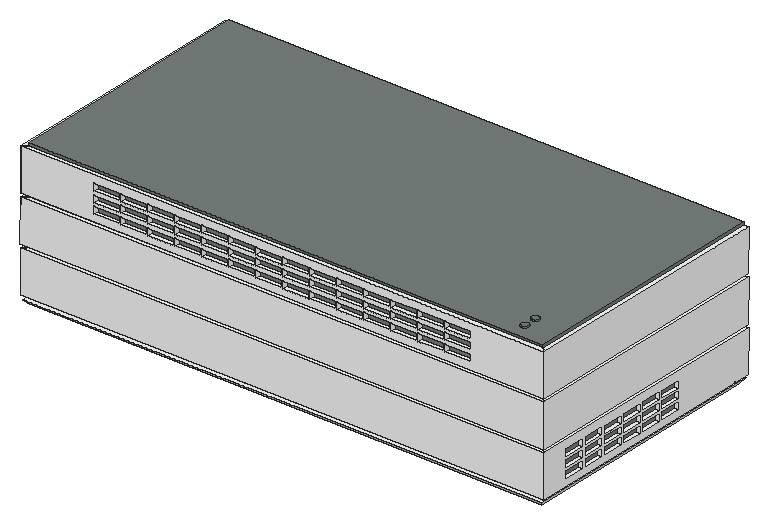
Revit family "AM 500 HT RE", category Mechanical Equipment, Revit 2019
Family settings
  Round Connector Dimension = Use Diameter
  Part Type = Normal
  OmniClass Number = 23.75.00.00
  OmniClass Title = Climate Control (HVAC)
  Work Plane-Based = No
  Always vertical = Yes
  Cut with Voids When Loaded = No
  Shared = No
  Room Calculation Point = No
Parameters
  Weight (Standard Unit) = 108  # constant formula
  Water Heater Surface Return = 10 mm  # constant formula
  Water Heater Surface IN = 10 mm  # constant formula
  Version number = "1,0"
  URL = "www.airmaster-as.com"
  Total Width = 1600 mm  # constant formula
  Total Hight = 439 mm  # constant formula
  T-C Duct Supply = 171.3 mm  # constant formula
  T-C Duct Exhaust = 171.3 mm  # constant formula
  Suply Air In = 250 mm  # constant formula
  Sidepanel Top [instance] = yes
  Sidepanel Middle [instance] = yes
  Side Panel Buttom [instance] = yes
  R-C Duct Supply = 329 mm  # constant formula
  Publication date = "22.05.2023"
  Phase 1 - Max Power Consumption = "1762 W"
  Phase 1 - Max Current = "8,1 A"
  Nominal current, electrical preheating surface = "4,4 A"
  Nominal current, electrical comfort heating surface = "2,6 A"
  Nominal current, air handling unit = "1,1 A"
  Network Conection = "AWG 24 CAT 5e STP"
  Model = "AM 500 HT RE"
  Middel panel [instance] = yes
  Max. flow rate 35 dB(A) with ePM10 80% filters = 440.00 m³  # constant formula
  Max. flow rate 35 dB(A) with ePM10 55% filters = 495.00 m³  # constant formula
  Max. flow rate 35 dB(A) with ePM10 50% filters = 550.00 m³  # constant formula
  Max. flow rate 30 dB(A) with ePM10 80% filters = 344.00 m³  # constant formula
  Max. flow rate 30 dB(A) with ePM10 55% filters = 387.00 m³  # constant formula
  Max. flow rate 30 dB(A) with ePM10 50% filters = 430.00 m³  # constant formula
  Manufacturer = "Airmaster A/S"
  Maintenance [instance] = no
  L-C Duct Exhaust = 192 mm  # constant formula
  Exhaust Air = 250 mm  # constant formula
  Total Depth = 779 mm  # constant formula
  Electrical connection = "1 ~ 230 V / N / PE / 50 Hz"
  Drawn By = "LSB"
  Condensate = 9 mm  # constant formula
  BMS Panel = "(PTS) 2x2x0,6"
  BMS Out = "(PTS) 2x2x0,6"
  BMS IN = "(PTS) 2x2x0,6"
  Airlow area [instance] = no
Reference planes
  plane 1 "Center (Front/Back)": y = 0
  plane 2: z = 0
  plane 3 "Center (Left/Right)": x = 0
  plane 4 "Center L/S": y = -779
  plane 5 "Center L/T": x = -800
  plane 6 "Center L/U": x = 800
  plane 7 "TOP": z = 439
  plane 8 "Center L/V": x = -785
  plane 9 "Center L/W": y = -764
  plane 10 "Center L/X": x = 785
  plane 11 "Panel Buttom": z = 24.45
  plane 12 "Panel Top": z = 153.45
  plane 13 "Hatch": z = 14.5
  plane 14 "Center L/Z": z = 163.4
  plane 15 "Center L/AA": z = 292.4
  plane 16 "Center L/BB": z = 302.35
  plane 17 "Center L/CC": z = 431.35
Forms (mm)
  Extrusion 1, solid, material "AM Grey"
    sketch origin (0, 0, 0) x (1, 0, 0) y (0, 1, 0)
      loop
        line (-785, 0) -> (-785, -764) -> (785, -764) -> (785, 0) -> (-785, 0)
    from 14.5 to 439
  Extrusion 2, solid, material "AM White"
    sketch origin (794.5, -1524, 24.45) x (0, -1, 0) y (-1, 0, 0)
      loop
        line (-745, -5.5) -> (-745, 1594.5) -> (-760, 1579.5) -> (-760, 9.5) -> (-745, -5.5)
    from 0 to -129
  Blend 3, solid, material "AM White"
    base sketch origin (-790.646, -1524, 14.5) x (0, -1, 0) y (1, 0, 0)
      loop
        line (-745, -2.387) -> (-745, 1583.657) -> (-1524, 1583.657) -> (-1524, -2.387) -> (-745, -2.387)
    top sketch origin (-790.646, -1524, 14.5) x (0, -1, 0) y (1, 0, 0)
      loop
        line (-760, 8.963) -> (-760, 1572.646) -> (-1509.161, 1572.646) -> (-1509.161, 8.963) -> (-760, 8.963)
    from 0 to -14.5
  Extrusion 4, void
    sketch origin (1480.036, -779, 302.35) x (1, 0, 0) y (0, 0, -1)
      loop
        line (-2055.036, -85.5) -> (-2055.036, -107.5) -> (-1977.536, -107.5) -> (-1977.536, -85.5) -> (-2055.036, -85.5)
      loop
        line (-2055.036, -53.5) -> (-2055.036, -75.5) -> (-1977.536, -75.5) -> (-1977.536, -53.5) -> (-2055.036, -53.5)
      loop
        line (-2055.036, -21.5) -> (-2055.036, -43.5) -> (-1977.536, -43.5) -> (-1977.536, -21.5) -> (-2055.036, -21.5)
      loop
        line (-1972.536, -85.5) -> (-1972.536, -107.5) -> (-1895.036, -107.5) -> (-1895.036, -85.5) -> (-1972.536, -85.5)
      loop
        line (-1972.536, -53.5) -> (-1972.536, -75.5) -> (-1895.036, -75.5) -> (-1895.036, -53.5) -> (-1972.536, -53.5)
      loop
        line (-1972.536, -21.5) -> (-1972.536, -43.5) -> (-1895.036, -43.5) -> (-1895.036, -21.5) -> (-1972.536, -21.5)
      loop
        line (-1890.036, -85.5) -> (-1890.036, -107.5) -> (-1812.536, -107.5) -> (-1812.536, -85.5) -> (-1890.036, -85.5)
      loop
        line (-1890.036, -53.5) -> (-1890.036, -75.5) -> (-1812.536, -75.5) -> (-1812.536, -53.5) -> (-1890.036, -53.5)
      loop
        line (-1890.036, -21.5) -> (-1890.036, -43.5) -> (-1812.536, -43.5) -> (-1812.536, -21.5) -> (-1890.036, -21.5)
      loop
        line (-1807.536, -85.5) -> (-1807.536, -107.5) -> (-1730.036, -107.5) -> (-1730.036, -85.5) -> (-1807.536, -85.5)
      loop
        line (-1807.536, -53.5) -> (-1807.536, -75.5) -> (-1730.036, -75.5) -> (-1730.036, -53.5) -> (-1807.536, -53.5)
      loop
        line (-1807.536, -21.5) -> (-1807.536, -43.5) -> (-1730.036, -43.5) -> (-1730.036, -21.5) -> (-1807.536, -21.5)
      loop
        line (-1725.036, -85.5) -> (-1725.036, -107.5) -> (-1647.536, -107.5) -> (-1647.536, -85.5) -> (-1725.036, -85.5)
      loop
        line (-1725.036, -53.5) -> (-1725.036, -75.5) -> (-1647.536, -75.5) -> (-1647.536, -53.5) -> (-1725.036, -53.5)
      loop
        line (-1725.036, -21.5) -> (-1725.036, -43.5) -> (-1647.536, -43.5) -> (-1647.536, -21.5) -> (-1725.036, -21.5)
      loop
        line (-1642.536, -85.5) -> (-1642.536, -107.5) -> (-1565.036, -107.5) -> (-1565.036, -85.5) -> (-1642.536, -85.5)
      loop
        line (-1642.536, -53.5) -> (-1642.536, -75.5) -> (-1565.036, -75.5) -> (-1565.036, -53.5) -> (-1642.536, -53.5)
      loop
        line (-1642.536, -21.5) -> (-1642.536, -43.5) -> (-1565.036, -43.5) -> (-1565.036, -21.5) -> (-1642.536, -21.5)
      loop
        line (-1560.036, -85.5) -> (-1560.036, -107.5) -> (-1482.536, -107.5) -> (-1482.536, -85.5) -> (-1560.036, -85.5)
      loop
        line (-1560.036, -53.5) -> (-1560.036, -75.5) -> (-1482.536, -75.5) -> (-1482.536, -53.5) -> (-1560.036, -53.5)
      loop
        line (-1560.036, -21.5) -> (-1560.036, -43.5) -> (-1482.536, -43.5) -> (-1482.536, -21.5) -> (-1560.036, -21.5)
      loop
        line (-1477.536, -85.5) -> (-1477.536, -107.5) -> (-1400.036, -107.5) -> (-1400.036, -85.5) -> (-1477.536, -85.5)
      loop
        line (-1477.536, -53.5) -> (-1477.536, -75.5) -> (-1400.036, -75.5) -> (-1400.036, -53.5) -> (-1477.536, -53.5)
      loop
        line (-1477.536, -21.5) -> (-1477.536, -43.5) -> (-1400.036, -43.5) -> (-1400.036, -21.5) -> (-1477.536, -21.5)
      loop
        line (-1395.036, -85.5) -> (-1395.036, -107.5) -> (-1317.536, -107.5) -> (-1317.536, -85.5) -> (-1395.036, -85.5)
      loop
        line (-1395.036, -53.5) -> (-1395.036, -75.5) -> (-1317.536, -75.5) -> (-1317.536, -53.5) -> (-1395.036, -53.5)
      loop
        line (-1395.036, -21.5) -> (-1395.036, -43.5) -> (-1317.536, -43.5) -> (-1317.536, -21.5) -> (-1395.036, -21.5)
      loop
        line (-1312.536, -85.5) -> (-1312.536, -107.5) -> (-1235.036, -107.5) -> (-1235.036, -85.5) -> (-1312.536, -85.5)
      loop
        line (-1312.536, -53.5) -> (-1312.536, -75.5) -> (-1235.036, -75.5) -> (-1235.036, -53.5) -> (-1312.536, -53.5)
      loop
        line (-1312.536, -21.5) -> (-1312.536, -43.5) -> (-1235.036, -43.5) -> (-1235.036, -21.5) -> (-1312.536, -21.5)
      loop
        line (-1230.036, -85.5) -> (-1230.036, -107.5) -> (-1152.536, -107.5) -> (-1152.536, -85.5) -> (-1230.036, -85.5)
      loop
        line (-1230.036, -53.5) -> (-1230.036, -75.5) -> (-1152.536, -75.5) -> (-1152.536, -53.5) -> (-1230.036, -53.5)
      loop
        line (-1230.036, -21.5) -> (-1230.036, -43.5) -> (-1152.536, -43.5) -> (-1152.536, -21.5) -> (-1230.036, -21.5)
      loop
        line (-1147.536, -85.5) -> (-1147.536, -107.5) -> (-1070.036, -107.5) -> (-1070.036, -85.5) -> (-1147.536, -85.5)
      loop
        line (-1147.536, -53.5) -> (-1147.536, -75.5) -> (-1070.036, -75.5) -> (-1070.036, -53.5) -> (-1147.536, -53.5)
      loop
        line (-1147.536, -21.5) -> (-1147.536, -43.5) -> (-1070.036, -43.5) -> (-1070.036, -21.5) -> (-1147.536, -21.5)
      loop
        line (-1065.036, -85.5) -> (-1065.036, -107.5) -> (-987.536, -107.5) -> (-987.536, -85.5) -> (-1065.036, -85.5)
      loop
        line (-1065.036, -53.5) -> (-1065.036, -75.5) -> (-987.536, -75.5) -> (-987.536, -53.5) -> (-1065.036, -53.5)
      loop
        line (-1065.036, -21.5) -> (-1065.036, -43.5) -> (-987.536, -43.5) -> (-987.536, -21.5) -> (-1065.036, -21.5)
      loop
        line (-982.536, -85.5) -> (-982.536, -107.5) -> (-905.036, -107.5) -> (-905.036, -85.5) -> (-982.536, -85.5)
      loop
        line (-982.536, -53.5) -> (-982.536, -75.5) -> (-905.036, -75.5) -> (-905.036, -53.5) -> (-982.536, -53.5)
      loop
        line (-982.536, -21.5) -> (-982.536, -43.5) -> (-905.036, -43.5) -> (-905.036, -21.5) -> (-982.536, -21.5)
    from 0 to 15
  Extrusion 5, solid, material "AM Grey"
    sketch origin (-785, -20, 0) x (0, 1, 0) y (0, 0, -1)
      loop
        arc (-34.231, -35.823) -> (-20.604, -46.468) -> (-15.509, -29.944) r 10.5
        arc (-15.509, -29.944) -> (-26.896, -26.432) -> (-34.231, -35.823) r 10.5
    from 0 to 14.9
  Extrusion 6, void
    sketch origin (800, 1296.25, 24.45) x (0, 1, 0) y (0, 0, -1)
      loop
        line (-1995, -105.164) -> (-1927, -105.164) -> (-1927, -80.664) -> (-1995, -80.664) -> (-1995, -105.164)
      loop
        line (-1995, -75.664) -> (-1927, -75.664) -> (-1927, -51.164) -> (-1995, -51.164) -> (-1995, -75.664)
      loop
        line (-1995, -46.164) -> (-1927, -46.164) -> (-1927, -21.664) -> (-1995, -21.664) -> (-1995, -46.164)
      loop
        line (-1922, -105.164) -> (-1854, -105.164) -> (-1854, -80.664) -> (-1922, -80.664) -> (-1922, -105.164)
      loop
        line (-1922, -75.664) -> (-1854, -75.664) -> (-1854, -51.164) -> (-1922, -51.164) -> (-1922, -75.664)
      loop
        line (-1922, -46.164) -> (-1854, -46.164) -> (-1854, -21.664) -> (-1922, -21.664) -> (-1922, -46.164)
      loop
        line (-1849, -105.164) -> (-1781, -105.164) -> (-1781, -80.664) -> (-1849, -80.664) -> (-1849, -105.164)
      loop
        line (-1849, -75.664) -> (-1781, -75.664) -> (-1781, -51.164) -> (-1849, -51.164) -> (-1849, -75.664)
      loop
        line (-1849, -46.164) -> (-1781, -46.164) -> (-1781, -21.664) -> (-1849, -21.664) -> (-1849, -46.164)
      loop
        line (-1776, -105.164) -> (-1708, -105.164) -> (-1708, -80.664) -> (-1776, -80.664) -> (-1776, -105.164)
      loop
        line (-1776, -75.664) -> (-1708, -75.664) -> (-1708, -51.164) -> (-1776, -51.164) -> (-1776, -75.664)
      loop
        line (-1776, -46.164) -> (-1708, -46.164) -> (-1708, -21.664) -> (-1776, -21.664) -> (-1776, -46.164)
      loop
        line (-1703, -105.164) -> (-1635, -105.164) -> (-1635, -80.664) -> (-1703, -80.664) -> (-1703, -105.164)
      loop
        line (-1703, -75.664) -> (-1635, -75.664) -> (-1635, -51.164) -> (-1703, -51.164) -> (-1703, -75.664)
      loop
        line (-1703, -46.164) -> (-1635, -46.164) -> (-1635, -21.664) -> (-1703, -21.664) -> (-1703, -46.164)
      loop
        line (-1630, -105.164) -> (-1562, -105.164) -> (-1562, -80.664) -> (-1630, -80.664) -> (-1630, -105.164)
      loop
        line (-1630, -75.664) -> (-1562, -75.664) -> (-1562, -51.164) -> (-1630, -51.164) -> (-1630, -75.664)
      loop
        line (-1630, -46.164) -> (-1562, -46.164) -> (-1562, -21.664) -> (-1630, -21.664) -> (-1630, -46.164)
    from 0 to 15
  Extrusion 7, solid, material "AM Grey"
    sketch origin (785, 0, 0) x (0, -1, 0) y (0, 0, -1)
      loop
        circle (48.75, -36.414) r 8
    from 0 to 14.9
  Extrusion 8, solid, material "AM Grey"
    sketch origin (785, 0, 0) x (0, -1, 0) y (0, 0, -1)
      loop
        circle (48.75, -60.414) r 5.5
    from 0 to 14.9
  Extrusion 9, solid, material "AM Grey"
    sketch origin (785, 0, 0) x (0, -1, 0) y (0, 0, -1)
      loop
        arc (52.21, -82.945) -> (49.124, -78.934) -> (45.257, -82.197) r 3.5
        arc (45.257, -82.197) -> (48.376, -85.894) -> (52.21, -82.945) r 3.5
    from 0 to 14.9
  Extrusion 10, solid, material "AM Grey"
    sketch origin (785, 0, 0) x (0, -1, 0) y (0, 0, -1)
      loop
        arc (52.21, -104.867) -> (49.124, -100.856) -> (45.257, -104.119) r 3.5
        arc (45.257, -104.119) -> (48.376, -107.816) -> (52.21, -104.867) r 3.5
    from 0 to 14.9
  Extrusion 11, solid, material "AM Grey"
    sketch origin (785, 0, 0) x (0, -1, 0) y (0, 0, -1)
      loop
        arc (666.553, -391.641) -> (678.119, -403.614) -> (689.95, -391.903) r 11.7
        arc (689.95, -391.903) -> (678.381, -380.215) -> (666.553, -391.641) r 11.7
    from 0 to 2
  Extrusion 12, solid, material "AM Grey"
    sketch origin (785, 0, 0) x (0, -1, 0) y (0, 0, -1)
      loop
        arc (707.323, -393.239) -> (721.418, -403.717) -> (730.869, -388.914) r 12
        arc (730.869, -388.914) -> (717.082, -380.112) -> (707.323, -393.239) r 12
    from 0 to 2
  Extrusion 13, solid, material "AM Grey"
    sketch origin (-785, 0, 0) x (1, 0, 0) y (0, 0, -1)
      loop
        line (1504.549, -198.382) -> (1254.549, -198.382) -> (1254.549, -398.382) -> (1504.549, -398.382) -> (1504.549, -198.382)
    from 0 to 18.45
  Extrusion 14, solid, material "AM Grey"
    sketch origin (-785, 0, 0) x (1, 0, 0) y (0, 0, -1)
      loop
        line (315, -398.382) -> (315, -198.382) -> (65, -198.382) -> (65, -398.382) -> (315, -398.382)
    from 0 to 18.45
  Extrusion 15, solid, material "AM Grey"
    sketch origin (-2194.69, 0, 0) x (1, 0, 0) y (0, 0, -1)
      loop
        arc (1478.835, -24) -> (1493.457, -45.482) -> (1480.281, -23.084) r 13
        line (1480.281, -23.084) -> (1478.835, -24)
    from 0 to 2
  Extrusion 16, solid, material "AM Grey"
    sketch origin (0, 0, 439) x (1, 0, 0) y (0, 1, 0)
      loop
        arc (693.662, -689.53) -> (693, -667.55) -> (692.338, -689.53) r 11
        line (692.338, -689.53) -> (693.662, -689.53)
    from 0 to 2
  Extrusion 17, solid, material "AM Grey"
    sketch origin (0, 0, 439) x (1, 0, 0) y (0, 1, 0)
      loop
        arc (693.662, -730.28) -> (693, -708.3) -> (692.338, -730.28) r 11
        line (692.338, -730.28) -> (693.662, -730.28)
    from 0 to 2
  Extrusion 18, solid, material "Maintenece", visible <- "Maintenance"
    sketch origin (-790.646, -1524, 0) x (1, 0, 0) y (0, -1, 0)
      loop
        line (-9.354, -1524) -> (1590.646, -1524) -> (1590.646, -745) -> (-9.354, -745) -> (-9.354, -1524)
    from 0 to 1200
  Extrusion 19, solid, material "Maintenece", visible <- "Airlow area"
    sketch origin (800, 1296.25, 24.45) x (0, -1, 0) y (0, 0, -1)
      loop
        line (1296.25, -129) -> (2081.25, -129) -> (2081.25, 21) -> (1296.25, 21) -> (1296.25, -129)
    from 0 to 500
  Extrusion 20, solid, material "AM White", visible <- "Middel panel"
    sketch origin (794.5, -1524, 163.4) x (0, -1, 0) y (-1, 0, 0)
      loop
        line (-745, -5.5) -> (-745, 1594.5) -> (-760, 1579.5) -> (-760, 9.5) -> (-745, -5.5)
    from 0 to -129
  Extrusion 21, solid, material "AM White"
    sketch origin (794.5, -1524, 302.35) x (0, -1, 0) y (-1, 0, 0)
      loop
        line (-745, -5.5) -> (-745, 1594.5) -> (-760, 1579.5) -> (-760, 9.5) -> (-745, -5.5)
    from 0 to -129
  Extrusion 22, solid, material "AM White", visible <- "Side Panel Buttom"
    sketch origin (794.5, -1524, 24.45) x (0, -1, 0) y (-1, 0, 0)
      loop
        line (-1524, -5.5) -> (-745, -5.5) -> (-760, 9.5) -> (-1524, 9.5) -> (-1524, -5.5)
      loop
        line (-760, 1579.5) -> (-745, 1594.5) -> (-1524, 1594.5) -> (-1524, 1579.5) -> (-760, 1579.5)
    from 0 to -129
  Extrusion 23, solid, material "AM White", visible <- "Sidepanel Middle"
    sketch origin (794.5, -1524, 163.4) x (0, -1, 0) y (-1, 0, 0)
      loop
        line (-1524, -5.5) -> (-745, -5.5) -> (-760, 9.5) -> (-1524, 9.5) -> (-1524, -5.5)
      loop
        line (-760, 1579.5) -> (-745, 1594.5) -> (-1524, 1594.5) -> (-1524, 1579.5) -> (-760, 1579.5)
    from 0 to -129
  Extrusion 24, solid, material "AM White", visible <- "Sidepanel Top"
    sketch origin (794.5, -1524, 302.35) x (0, -1, 0) y (-1, 0, 0)
      loop
        line (-1524, -5.5) -> (-745, -5.5) -> (-760, 9.5) -> (-1524, 9.5) -> (-1524, -5.5)
      loop
        line (-760, 1579.5) -> (-745, 1594.5) -> (-1524, 1594.5) -> (-1524, 1579.5) -> (-760, 1579.5)
    from 0 to -129
Cuts and joins
  Extrusion 4, Extrusion 6 cuts Extrusion 1
  Extrusion 4, Extrusion 6 cuts Extrusion 2
  Extrusion 6 cuts Extrusion 22
  Extrusion 4 cuts Extrusion 20
  Extrusion 4 cuts Extrusion 21
Dimensions and locks
  "Total Depth": plane 4 "Center L/S" to plane 1 "Center (Front/Back)"
  equal spacing: plane 5 "Center L/T", plane 3 "Center (Left/Right)", plane 6 "Center L/U"
  "Total Width": plane 5 "Center L/T" to plane 6 "Center L/U"
  "Total Hight": plane 7 "TOP" to level
  locked: plane 10 "Center L/X" to plane 6 "Center L/U" at 15
  locked: plane 4 "Center L/S" to plane 9 "Center L/W" at 15
  locked: plane 5 "Center L/T" to plane 8 "Center L/V" at 15
  Extrusion 1 to Blend 3 sketch curve = 14.839 mm
  nested 3 to cut or joined group of Extrusion 2, Extrusion 4, Extrusion 6 = 550 mm
  Extrusion 13 sketch curve to cut or joined group of Extrusion 1, Extrusion 4, Extrusion 6 = 40.618 mm
  Extrusion 24 to Extrusion 13 sketch curve = 65.451 mm
  Extrusion 14 sketch curve to Extrusion 24 = 65 mm
  aligned and locked: level to plane 2
  aligned and locked: plane 1 "Center (Front/Back)" to Extrusion 1 sketch curve
  aligned and locked: Extrusion 1 sketch curve to plane 8 "Center L/V"
  aligned and locked: Extrusion 1 sketch curve to plane 9 "Center L/W"
  aligned and locked: Extrusion 1 sketch curve to plane 10 "Center L/X"
  aligned and locked: plane 7 "TOP" to Extrusion 1
  aligned and locked: plane 4 "Center L/S" to Extrusion 2 sketch curve
  aligned and locked: Extrusion 2 sketch curve to Extrusion 1
  aligned and locked: Extrusion 2 to plane 12 "Panel Top"
  aligned and locked: Blend 3 to plane 2
  aligned and locked: plane 13 "Hatch" to Extrusion 1
  aligned and locked: Extrusion 18 sketch curve to cut or joined group of Extrusion 2, Extrusion 4, Extrusion 6
  aligned and locked: Extrusion 19 sketch curve to cut or joined group of Extrusion 2, Extrusion 4, Extrusion 6
  aligned and locked: Extrusion 20 to plane 15 "Center L/AA"
  aligned and locked: Extrusion 21 to plane 17 "Center L/CC"
Automatic sketch dimensions
  Extrusion 2 sketch curve to plane 5 "Center L/T" = 0 mm
  Extrusion 2 sketch curve to plane 8 "Center L/V" = 0 mm
  Extrusion 2 sketch curve to plane 10 "Center L/X" = 0 mm
  Extrusion 2 sketch curve to plane 6 "Center L/U" = 0 mm
  plane 1 "Center (Front/Back)" to Blend 3 sketch curve = 0 mm
  plane 4 "Center L/S" to Blend 3 sketch curve = 0 mm
  plane 5 "Center L/T" to Blend 3 sketch curve = 6.967 mm
  Blend 3 sketch curve to plane 6 "Center L/U" = 6.989 mm
  plane 9 "Center L/W" to Blend 3 sketch curve = 0 mm
  plane 8 "Center L/V" to Blend 3 sketch curve = 3.316 mm
  Blend 3 sketch curve to plane 10 "Center L/X" = 3 mm
  Extrusion 2 to Extrusion 4 sketch curve = 234.4 mm  (x4)
  Extrusion 2 to Extrusion 4 sketch curve = 225 mm
  Extrusion 4 sketch curve to Extrusion 4 sketch curve = 0 mm  (x87)
  Extrusion 4 sketch curve to Extrusion 4 sketch curve = 77.5 mm  (x14)
  Extrusion 4 sketch curve to Extrusion 4 sketch curve = 5 mm  (x39)
  Extrusion 2 to Extrusion 4 sketch curve = 256.4 mm  (x3)
  Extrusion 4 sketch curve to Extrusion 4 sketch curve = 10 mm  (x12)
  Extrusion 4 sketch curve to Extrusion 4 sketch curve = 22 mm  (x4)
  Extrusion 4 sketch curve to Extrusion 2 = 299.4 mm  (x4)
  Extrusion 5 sketch curve to Extrusion 5 sketch curve = 0 mm  (x2)
  Extrusion 1 to Extrusion 5 sketch curve = 43.75 mm
  Extrusion 1 to Extrusion 5 sketch curve = 21.95 mm
  Extrusion 5 sketch curve to Extrusion 5 sketch curve = 10.481 mm
  Extrusion 5 sketch curve to Extrusion 5 sketch curve = 8.241 mm
  Extrusion 5 sketch curve to Extrusion 5 sketch curve = 0.627 mm
  plane 12 "Panel Top" to Extrusion 6 sketch curve = 23.836 mm  (x2)
  Extrusion 6 sketch curve to plane 9 "Center L/W" = 65.25 mm
  Extrusion 6 sketch curve to Extrusion 6 sketch curve = 0 mm  (x33)
  Extrusion 6 sketch curve to Extrusion 6 sketch curve = 68 mm  (x6)
  Extrusion 6 sketch curve to Extrusion 6 sketch curve = 5 mm  (x22)
  Extrusion 6 sketch curve to Extrusion 6 sketch curve = 24.5 mm  (x5)
  Extrusion 6 sketch curve to plane 11 "Panel Buttom" = 21.664 mm  (x3)
  Extrusion 1 to Extrusion 7 sketch curve = 21.914 mm
  Extrusion 1 to Extrusion 7 sketch curve = 48.75 mm
  Extrusion 1 to Extrusion 8 sketch curve = 48.75 mm
  Extrusion 1 to Extrusion 8 sketch curve = 45.914 mm
  Extrusion 9 sketch curve to Extrusion 9 sketch curve = 0 mm  (x2)
  Extrusion 1 to Extrusion 9 sketch curve = 48.75 mm
  Extrusion 1 to Extrusion 9 sketch curve = 67.914 mm
  Extrusion 9 sketch curve to Extrusion 9 sketch curve = 3.493 mm
  Extrusion 9 sketch curve to Extrusion 9 sketch curve = 3.46 mm
  Extrusion 9 sketch curve to Extrusion 9 sketch curve = 0.531 mm
  Extrusion 10 sketch curve to Extrusion 10 sketch curve = 0 mm  (x2)
  Extrusion 1 to Extrusion 10 sketch curve = 48.75 mm
  Extrusion 1 to Extrusion 10 sketch curve = 89.836 mm
  Extrusion 10 sketch curve to Extrusion 10 sketch curve = 3.493 mm
  Extrusion 10 sketch curve to Extrusion 10 sketch curve = 3.46 mm
  Extrusion 10 sketch curve to Extrusion 10 sketch curve = 0.531 mm
  Extrusion 11 sketch curve to Extrusion 11 sketch curve = 0 mm  (x2)
  Extrusion 1 to Extrusion 11 sketch curve = 85.75 mm
  Extrusion 1 to Extrusion 11 sketch curve = 47.086 mm
  Extrusion 11 sketch curve to Extrusion 11 sketch curve = 11.697 mm
  Extrusion 11 sketch curve to Extrusion 11 sketch curve = 11.7 mm
  Extrusion 11 sketch curve to Extrusion 11 sketch curve = 0.011 mm
  Extrusion 12 sketch curve to Extrusion 12 sketch curve = 0 mm  (x2)
  Extrusion 1 to Extrusion 12 sketch curve = 44.75 mm
  Extrusion 1 to Extrusion 12 sketch curve = 47.086 mm
  Extrusion 12 sketch curve to Extrusion 12 sketch curve = 11.927 mm
  Extrusion 12 sketch curve to Extrusion 12 sketch curve = 11.619 mm
  Extrusion 12 sketch curve to Extrusion 12 sketch curve = 1.325 mm
  Extrusion 1 to Extrusion 15 sketch curve = 9.5 mm
  Extrusion 15 sketch curve to Extrusion 1 = 69.145 mm
  Extrusion 1 to Extrusion 15 sketch curve = 8.584 mm
  Extrusion 15 sketch curve to Extrusion 15 sketch curve = 1.446 mm
  Extrusion 15 sketch curve to Extrusion 15 sketch curve = 6.219 mm
  Extrusion 16 sketch curve to Extrusion 1 = 92.662 mm
  Extrusion 16 sketch curve to Extrusion 16 sketch curve = 0.662 mm
  Extrusion 16 sketch curve to Extrusion 1 = 74.47 mm
  Extrusion 16 sketch curve to Extrusion 16 sketch curve = 10.98 mm
  Extrusion 17 sketch curve to Extrusion 1 = 92.662 mm
  Extrusion 17 sketch curve to Extrusion 17 sketch curve = 0.662 mm
  Extrusion 17 sketch curve to Extrusion 1 = 33.72 mm
  Extrusion 17 sketch curve to Extrusion 17 sketch curve = 10.98 mm
  Extrusion 18 sketch curve to Blend 3 = 18.316 mm
  Extrusion 18 sketch curve to Blend 3 = 18 mm
  Extrusion 18 sketch curve to Blend 3 = 14.839 mm
  Extrusion 19 sketch curve to plane 1 "Center (Front/Back)" = 0 mm
  plane 4 "Center L/S" to Extrusion 19 sketch curve = 6 mm
  level to Extrusion 19 sketch curve = 3.45 mm
  Extrusion 20 sketch curve to plane 8 "Center L/V" = 0 mm
  Extrusion 20 sketch curve to plane 9 "Center L/W" = 0 mm
  plane 4 "Center L/S" to Extrusion 20 sketch curve = 0 mm
  Extrusion 20 sketch curve to plane 5 "Center L/T" = 0 mm
  Extrusion 20 sketch curve to plane 10 "Center L/X" = 0 mm
  Extrusion 20 sketch curve to plane 6 "Center L/U" = 0 mm
  Extrusion 21 sketch curve to plane 8 "Center L/V" = 0 mm
  Extrusion 21 sketch curve to plane 9 "Center L/W" = 0 mm
  plane 4 "Center L/S" to Extrusion 21 sketch curve = 0 mm
  Extrusion 21 sketch curve to plane 5 "Center L/T" = 0 mm
  Extrusion 21 sketch curve to plane 10 "Center L/X" = 0 mm
  Extrusion 21 sketch curve to plane 6 "Center L/U" = 0 mm
  plane 1 "Center (Front/Back)" to Extrusion 22 sketch curve = 0 mm  (x2)
  plane 9 "Center L/W" to Extrusion 22 sketch curve = 0 mm
  Extrusion 22 sketch curve to plane 8 "Center L/V" = 0 mm
  Extrusion 22 sketch curve to plane 9 "Center L/W" = 0 mm
  plane 4 "Center L/S" to Extrusion 22 sketch curve = 0 mm  (x2)
  Extrusion 22 sketch curve to plane 5 "Center L/T" = 0 mm
  Extrusion 22 sketch curve to plane 10 "Center L/X" = 0 mm
  Extrusion 22 sketch curve to plane 6 "Center L/U" = 0 mm
  plane 1 "Center (Front/Back)" to Extrusion 23 sketch curve = 0 mm  (x2)
  plane 9 "Center L/W" to Extrusion 23 sketch curve = 0 mm
  Extrusion 23 sketch curve to plane 8 "Center L/V" = 0 mm
  Extrusion 23 sketch curve to plane 9 "Center L/W" = 0 mm
  plane 4 "Center L/S" to Extrusion 23 sketch curve = 0 mm  (x2)
  Extrusion 23 sketch curve to plane 5 "Center L/T" = 0 mm
  Extrusion 23 sketch curve to plane 10 "Center L/X" = 0 mm
  Extrusion 23 sketch curve to plane 6 "Center L/U" = 0 mm
  plane 1 "Center (Front/Back)" to Extrusion 24 sketch curve = 0 mm  (x2)
  plane 9 "Center L/W" to Extrusion 24 sketch curve = 0 mm
  Extrusion 24 sketch curve to plane 8 "Center L/V" = 0 mm
  Extrusion 24 sketch curve to plane 9 "Center L/W" = 0 mm
  plane 4 "Center L/S" to Extrusion 24 sketch curve = 0 mm  (x2)
  Extrusion 24 sketch curve to plane 5 "Center L/T" = 0 mm
  Extrusion 24 sketch curve to plane 10 "Center L/X" = 0 mm
  Extrusion 24 sketch curve to plane 6 "Center L/U" = 0 mm
  Extrusion 1 to Extrusion 13 sketch curve = 183.882 mm
  Extrusion 13 sketch curve to Extrusion 1 = 315.451 mm
  plane 17 "Center L/CC" to Extrusion 14 sketch curve = 32.968 mm
  Extrusion 14 sketch curve to plane 10 "Center L/X" = 1255 mm
  Extrusion 14 sketch curve to plane 14 "Center L/Z" = 34.982 mm
  radius of Extrusion 7 sketch curve = 8 mm
  radius of Extrusion 8 sketch curve = 5.5 mm
Nested families
  nested 1: "Model Label 2019" at (0, -361.924, 0), Label <- "Model", type "Model Label 2019"
    with Label "AM 500 HT RE"
  nested 2: "Pil Indtag" at (1400, -364, 0) x (-1, 0, 0) z (0, 0, 1), type "Pil Indtag"
    with dX_ 609 mm, dX 609 mm, ang2D 0.00°
  nested 3: "indblæssymbol" at (0, -879, 0) x (0, -1, 0) z (0, 0, 1), type "indblæssymbol"
    with dX_ 609 mm, dX 609 mm, ang2D 0.00°
Connectors
  piping at (-799.9, -44.87, 32.883), diameter 9, driven by "Condensate"
    settings: on Extrusion 5, index 1, connector inside diameter 609.6 mm, connector length 0 mm, flow factor 0, pipe flow 0.0 L/s, pressure drop 0.0 Pa, fitting loss kfactor 0, connector angle 0.00°, fixture units 0, engagement length 0 mm, angle of deflection 0.00°, flow configuration 0, flow direction 0, fitting loss method 0, system type 16, joint type 0, gender type 0, connector reference index -1, connector utility 0, adjustable connector no, is connector primary yes, connector description ""
  electrical at (799.9, -48.75, 36.414), driven by "Electrical connection"
    settings: on Extrusion 7, index 2, voltage 230 V, apparent load 0 VA, apparent load phase1 0 VA, apparent load phase2 0 VA, apparent load phase3 0 VA, power factor 0.58, load classification "Other", number of poles 1, system type 30, power factor state 1, is connector primary yes, connector utility no, sub classification motor no, connector description "1 ~ 230 V / N / PE / 50 Hz"
  electrical at (799.9, -48.75, 60.414), driven by "Network Conection"
    settings: on Extrusion 8, index 3, voltage 0 V, apparent load 0 VA, apparent load phase1 0 VA, apparent load phase2 0 VA, apparent load phase3 0 VA, power factor 1, load classification "Other", number of poles 1, system type 5, power factor state 1, is connector primary no, connector utility no, sub classification motor no, connector description "AWG 24 CAT 5e STP"
  electrical at (799.9, -48.733, 82.571), driven by "BMS IN"
    settings: on Extrusion 9, index 4, voltage 0 V, apparent load 0 VA, apparent load phase1 0 VA, apparent load phase2 0 VA, apparent load phase3 0 VA, power factor 1, load classification "Other", number of poles 1, system type 5, power factor state 1, is connector primary no, connector utility no, sub classification motor no, connector description "(PTS) 2x2x0,6"
  electrical at (799.9, -48.733, 104.493), driven by "BMS Out"
    settings: on Extrusion 10, index 5, voltage 0 V, apparent load 0 VA, apparent load phase1 0 VA, apparent load phase2 0 VA, apparent load phase3 0 VA, power factor 1, load classification "Other", number of poles 1, system type 5, power factor state 1, is connector primary no, connector utility no, sub classification motor no, connector description "(PTS) 2x2x0,6"
  piping at (787, -719.096, 391.076), diameter 10, driven by "Water Heater Surface IN"
    settings: on Extrusion 12, index 6, connector inside diameter 609.6 mm, connector length 0 mm, flow factor 0, pipe flow 0.0 L/s, pressure drop 0.0 Pa, fitting loss kfactor 0, connector angle 0.00°, fixture units 0, engagement length 0 mm, angle of deflection 0.00°, flow configuration 0, flow direction 1, fitting loss method 0, system type 7, joint type 0, gender type 0, connector reference index -1, connector utility 0, adjustable connector no, is connector primary no, connector description ""
  piping at (787, -678.252, 391.772), diameter 10, driven by "Water Heater Surface Return"
    settings: on Extrusion 11, index 7, connector inside diameter 609.6 mm, connector length 0 mm, flow factor 0, pipe flow 0.0 L/s, pressure drop 0.0 Pa, fitting loss kfactor 0, connector angle 0.00°, fixture units 0, engagement length 0 mm, angle of deflection 0.00°, flow configuration 0, flow direction 2, fitting loss method 0, system type 8, joint type 0, gender type 0, connector reference index -1, connector utility 0, adjustable connector no, is connector primary no, connector description ""
  piping at (-715.132, 2, 23.542), diameter 9, driven by "Condensate"
    settings: on Extrusion 15, index 8, connector inside diameter 609.6 mm, connector length 0 mm, flow factor 0, pipe flow 0.0 L/s, pressure drop 0.0 Pa, fitting loss kfactor 0, connector angle 0.00°, fixture units 0, engagement length 0 mm, angle of deflection 0.00°, flow configuration 0, flow direction 0, fitting loss method 0, system type 16, joint type 0, gender type 0, connector reference index -1, connector utility 0, adjustable connector no, is connector primary no, connector description "9"
  piping at (693, -730.28, 441), diameter 10, driven by "Water Heater Surface IN"
    settings: on Extrusion 17, index 11, connector inside diameter 609.6 mm, connector length 0 mm, flow factor 0, pipe flow 0.0 L/s, pressure drop 0.0 Pa, fitting loss kfactor 0, connector angle 0.00°, fixture units 0, engagement length 0 mm, angle of deflection 0.00°, flow configuration 0, flow direction 0, fitting loss method 0, system type 19, joint type 0, gender type 0, connector reference index -1, connector utility 0, adjustable connector no, is connector primary no, connector description ""
  piping at (693, -689.53, 441), diameter 10, driven by "Water Heater Surface Return"
    settings: on Extrusion 16, index 12, connector inside diameter 609.6 mm, connector length 0 mm, flow factor 0, pipe flow 0.0 L/s, pressure drop 0.0 Pa, fitting loss kfactor 0, connector angle 0.00°, fixture units 0, engagement length 0 mm, angle of deflection 0.00°, flow configuration 0, flow direction 0, fitting loss method 0, system type 19, joint type 0, gender type 0, connector reference index -1, connector utility 0, adjustable connector no, is connector primary no, connector description ""
  hvac at (594.549, 0, 298.382), driven by "Suply Air In"
    settings: on Extrusion 13, index 13, duct flow 0.0 L/s, flow factor 0, pres drop 0.0 Pa, loss coef 0, conn angle 0.00°, conn width 250 mm, conn height 200 mm, conn diameter 250 mm, duct sys type 1, conn prof type 1, flow config 0, flow direction 1, loss method 0, conn ref index -1, conn util no, is conn primary yes, conn desc ""
  hvac at (-595, 0, 298.382), driven by "Exhaust Air"
    settings: on Extrusion 14, index 14, duct flow 0.0 L/s, flow factor 0, pres drop 0.0 Pa, loss coef 0, conn angle 0.00°, conn width 250 mm, conn height 200 mm, conn diameter 250 mm, duct sys type 3, conn prof type 1, flow config 0, flow direction 2, loss method 0, conn ref index -1, conn util no, is conn primary no, conn desc ""
Definition of nested family "Model Label 2019"
  Parameters (values of type "Model Label 2019")
    Label [instance] = ""
  Reference planes
    plane 1: y = 0
    plane 2: x = 0
  Text (mm)
    label "Label" at (-0.131, 0.049, 0), shows "Label"
Definition of nested family "Pil Indtag"
  Parameters (values of type "Pil Indtag")
    dX_ [instance] = if(dX = 0 mm, 1 mm, dX)  # 609 mm
    dX [instance] = 609 mm
    ang2D [instance] = 0.00°
    Type Comments = "DO NOT CHANGE dX value from 608 mm ( 2 ft )"
    Afstand pil = 50 mm
  Reference planes
    plane 1 "Center (Front/Back)": y = 0
    plane 2: z = 0
    plane 3 "Center (Left/Right)": x = 0
    plane 4: x = 500
  Lines and regions (mm)
    Filled region 1, type "Concrete", in view "Ref. Level"
      outline origin (0, 0, 0) x (1, 0, 0) y (0, 1, 0)
        loop
          line (499.552, 0) -> (401.072, 17.365) -> (401.072, -17.365) -> (499.552, 0)
    reference lines, in view "Ref. Level"
      curve 1: line (50, 134.129, 0) -> (50, -145.871, 0)
    detail lines, in view "Ref. Level", not visible
      curve 2: arc (335, 0, 0) -> (385.559, -50.321, 0) -> (434.999, 1.101, 0) r 50.01
      curve 3: arc (335, 0, 0) -> (285.666, 52.633, 0) -> (235.069, 1.212, 0) r 50.01
      curve 4: line (434.999, 1.101, 0) -> (434.999, 21.156, 0)
      curve 5: line (235.069, 1.212, 0) -> (235.069, -18.844, 0)
    detail lines, in view "Ref. Level"
      curve 6: arc (225.332, 0, 0) -> (272.332, -35.211, 0) -> (294.114, 19.326, 0) r 36.995
      curve 7: arc (225.206, 0, 0) -> (173.868, 30.307, 0) -> (156.85, -26.829, 0) r 37.835
      curve 8: line (499.552, 0, 0) -> (401.072, 17.365, 0)
      curve 9: line (401.072, 17.365, 0) -> (401.072, -17.365, 0)
      curve 10: line (401.072, -17.365, 0) -> (499.552, 0, 0)
      curve 11: line (499.552, 0, 0) -> (-15.448, 0, 0)
  Dimensions and locks
    "Afstand pil": plane 3 "Center (Left/Right)" to curve 1
    plane 3 "Center (Left/Right)" to plane 4 = 500 mm
  Automatic sketch dimensions
    plane 1 "Center (Front/Back)" to Filled region 1 sketch curve = 0 mm
    Filled region 1 sketch curve to plane 4 = 0.448 mm
    plane 1 "Center (Front/Back)" to Filled region 1 sketch curve = 17.365 mm
    Filled region 1 sketch curve to plane 4 = 98.928 mm
    Filled region 1 sketch curve to plane 1 "Center (Front/Back)" = 17.365 mm
    plane 1 "Center (Front/Back)" to curve 11 = 0 mm
    plane 1 "Center (Front/Back)" to curve 7 = 4.913 mm
    plane 3 "Center (Left/Right)" to curve 7 = 187.691 mm
    curve 6 to plane 1 "Center (Front/Back)" = 0.405 mm
    curve 7 to curve 6 = 74.634 mm
    curve 9 to plane 1 "Center (Front/Back)" = 17.365 mm
    curve 9 to plane 4 = 98.928 mm
    curve 11 to plane 4 = 0.448 mm
    plane 1 "Center (Front/Back)" to curve 10 = 17.365 mm
    curve 7 to curve 7 = 30.842 mm
    curve 11 to plane 3 "Center (Left/Right)" = 15.448 mm
    curve 7 to curve 6 = 37.119 mm
    curve 7 to curve 6 = 0.126 mm
    curve 6 to plane 1 "Center (Front/Back)" = 19.326 mm
    plane 1 "Center (Front/Back)" to curve 1 = 145.871 mm
    curve 1 to plane 1 "Center (Front/Back)" = 134.129 mm
Definition of nested family "indblæssymbol"
  Parameters (values of type "indblæssymbol")
    dX_ [instance] = if(dX = 0 mm, 1 mm, dX)  # 609 mm
    dX [instance] = 609 mm
    ang2D [instance] = 0.00°
    Type Comments = "DO NOT CHANGE dX value from 608 mm ( 2 ft )"
    Afstand pil = 50 mm
  Reference planes
    plane 1 "Center (Front/Back)": y = 0
    plane 2: z = 0
    plane 3 "Center (Left/Right)": x = 0
  Lines and regions (mm)
    Filled region 1, type "Concrete", in view "Ref. Level"
      outline origin (50.005, 0, 0) x (1, 0, 0) y (0, 1, 0)
        loop
          line (399.995, 0.414) -> (301.442, 17.365) -> (301.588, -17.365) -> (399.995, 0.414)
    reference lines, in view "Ref. Level"
      curve 1: line (50, 134.129, 0) -> (50, -145.871, 0)
    detail lines, in view "Ref. Level"
      curve 2: line (351.52, 0, 0) -> (50, 0, 0)
  Dimensions and locks
    "Afstand pil": plane 3 "Center (Left/Right)" to curve 1
    curve 1 to Filled region 1 = 400 mm
  Automatic sketch dimensions
    Filled region 1 sketch curve to plane 1 "Center (Front/Back)" = 0.414 mm
    plane 3 "Center (Left/Right)" to Filled region 1 sketch curve = 450 mm
    plane 1 "Center (Front/Back)" to Filled region 1 sketch curve = 17.365 mm
    Filled region 1 sketch curve to Filled region 1 sketch curve = 98.407 mm
    Filled region 1 sketch curve to plane 1 "Center (Front/Back)" = 17.365 mm
    Filled region 1 sketch curve to Filled region 1 sketch curve = 0.146 mm
    plane 1 "Center (Front/Back)" to curve 2 = 0 mm
    plane 3 "Center (Left/Right)" to curve 2 = 50 mm
    curve 2 to curve 2 = 301.52 mm
    plane 1 "Center (Front/Back)" to curve 1 = 145.871 mm
    curve 1 to plane 1 "Center (Front/Back)" = 134.129 mm
